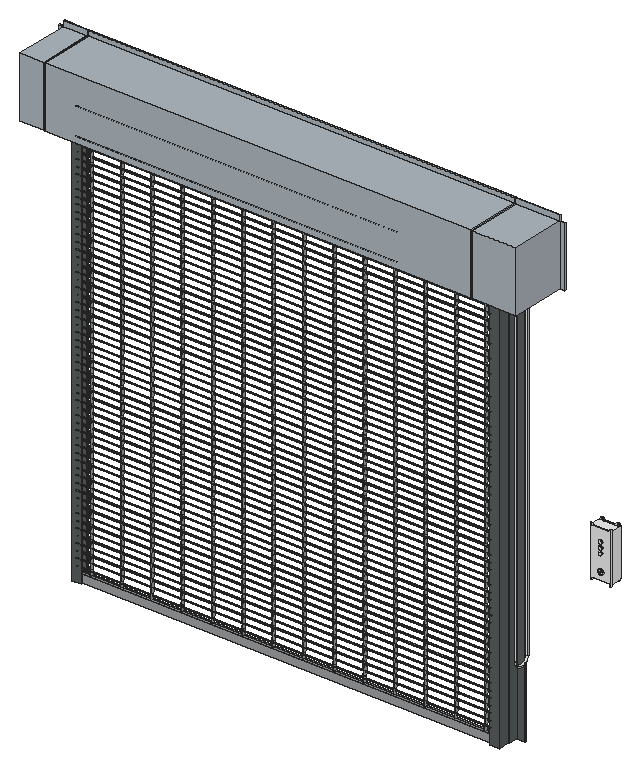
Revit family "Doors_Industrial_Wayne-Dalton_Springless-Rolling-Grilles-High-Cycle-Rolling-Grille-System-Model-600-HC", category Specialty Equipment, host Wall, Revit 2026 (continued)
Definition of nested family "Warning Sign"
  Lines and regions (in)
    model lines
      curve 32: arc (2.29479, -0.5, 8.63537) -> (0, -0.5, 10.93016) -> (-2.29479, -0.5, 8.63537) r 2.29479
      curve 33: arc (-1.6331, -0.5, 13.97069) -> (0.03439, -0.5, 12.53727) -> (1.69278, -0.5, 13.98121) r 1.68043
      curve 34: line (-3.77413, -0.5, 28.37873) -> (-1.6331, -0.5, 13.97069)
      curve 35: line (1.69278, -0.5, 13.98121) -> (3.73924, -0.5, 28.37873)
      curve 36: arc (3.73924, -0.5, 28.37873) -> (-0.01745, -0.5, 32.13541) -> (-3.77413, -0.5, 28.37873) r 3.75668
  Dimensions and locks (in)
    locked: plane 1 "Center (Front/Back)" to plane 4 at 0.5
    equal spacing: plane 1 "Center (Front/Back)", plane 7, plane 4
    locked: plane 4 to plane 6 at 0.5
    locked: plane 5 to plane 1 "Center (Front/Back)" at 0.5
    aligned and locked: plane 2 to level
  Automatic sketch dimensions
    curve 21 to curve 22 = 0"  (x2)
    curve 25 to curve 26 = 0"  (x2)
    curve 29 to curve 30 = 0"  (x2)
    curve 31 to curve 32 = 0"  (x2)
    curve 21 to plane 3 "Center (Left/Right)" = 0"
    curve 31 to plane 3 "Center (Left/Right)" = 0"
    curve 30 to level = 0"
    level to curve 27 = 1.30556"
    curve 26 to curve 27 = 1.30556"
    curve 29 to curve 27 = 1.30556"
    curve 23 to curve 25 = 0.65278"
    curve 20 to curve 29 = 0.65278"
    curve 24 to curve 23 = 0.65278"
    curve 19 to curve 20 = 0.65278"
    level to curve 32 = 8.63537"
    curve 34 to plane 3 "Center (Left/Right)" = 1.6331"
    curve 34 to curve 31 = 5.33532"
    plane 3 "Center (Left/Right)" to curve 35 = 1.69278"
    curve 35 to curve 34 = 0.01052"
    plane 3 "Center (Left/Right)" to curve 33 = 0.02908"
    curve 36 to plane 3 "Center (Left/Right)" = 0.01745"
    curve 36 to curve 33 = 14.16104"
    curve 22 to curve 36 = 16.01016"
    plane 3 "Center (Left/Right)" to curve 23 = 1.13064"
    curve 23 to curve 21 = 0.65278"
    curve 20 to plane 3 "Center (Left/Right)" = 1.13064"
    plane 3 "Center (Left/Right)" to curve 24 = 2.26129"
    curve 24 to curve 22 = 0.65278"
    curve 19 to plane 3 "Center (Left/Right)" = 2.26129"
    curve 34 to curve 36 = 3.75668"
    curve 30 to plane 3 "Center (Left/Right)" = 24.12041"
    plane 3 "Center (Left/Right)" to curve 25 = 24.12041"
    curve 31 to curve 31 = 2.29479"
    curve 3 to curve 4 = 0"  (x2)
    curve 7 to curve 8 = 0"  (x2)
    curve 11 to curve 12 = 0"  (x2)
    curve 13 to curve 14 = 0"  (x2)
    curve 3 to plane 3 "Center (Left/Right)" = 0"
    curve 13 to plane 3 "Center (Left/Right)" = 0"
    curve 12 to level = 0"
    level to curve 9 = 1.30556"
    curve 8 to curve 9 = 1.30556"
    curve 11 to curve 9 = 1.30556"
    curve 5 to curve 7 = 0.65278"
    curve 2 to curve 11 = 0.65278"
    curve 6 to curve 5 = 0.65278"
    curve 1 to curve 2 = 0.65278"
    level to curve 14 = 8.63537"
    curve 16 to plane 3 "Center (Left/Right)" = 1.6331"
    curve 16 to curve 13 = 5.33532"
    plane 3 "Center (Left/Right)" to curve 17 = 1.69278"
    curve 17 to curve 16 = 0.01052"
    plane 3 "Center (Left/Right)" to curve 15 = 0.02908"
    curve 18 to plane 3 "Center (Left/Right)" = 0.01745"
    curve 18 to curve 15 = 14.16104"
    curve 4 to curve 18 = 16.01016"
    plane 3 "Center (Left/Right)" to curve 5 = 1.13064"
    curve 5 to curve 3 = 0.65278"
    curve 2 to plane 3 "Center (Left/Right)" = 1.13064"
    plane 3 "Center (Left/Right)" to curve 6 = 2.26129"
    curve 6 to curve 4 = 0.65278"
    curve 1 to plane 3 "Center (Left/Right)" = 2.26129"
    curve 16 to curve 18 = 3.75668"
    curve 12 to plane 3 "Center (Left/Right)" = 24.12041"
    plane 3 "Center (Left/Right)" to curve 7 = 24.12041"
    curve 13 to curve 13 = 2.29479"
Types (6): name | Voltage | Number of Poles | Apparent Load Phase 3 | Apparent Load Phase 2 | Apparent Load Phase 1
  208 volts, one phase, 60 Hz (208-240V range) | 208 V | 1 | 0 VA | 0 VA | 4160 VA
  220 volts, one phase, 60 Hz (220-240V range) | 220 V | 1 | 0 VA | 0 VA | 4400 VA
  208 volts, three phase, 60 Hz (208-240V range) | 208 V | 3 | 2401.78 VA | 2401.78 VA | 2401.78 VA
  230 volts, three phase, 60 Hz (220-240V range) | 230 V | 3 | 2655.81 VA | 2655.81 VA | 2655.81 VA
  460 volts, three phase, 60 Hz (440-480 V range) | 460 V | 3 | 5311.62 VA | 5311.62 VA | 5311.62 VA
  575 volts, three phase, 60 Hz | 575 V | 3 | 6639.53 VA | 6639.53 VA | 6639.53 VA
